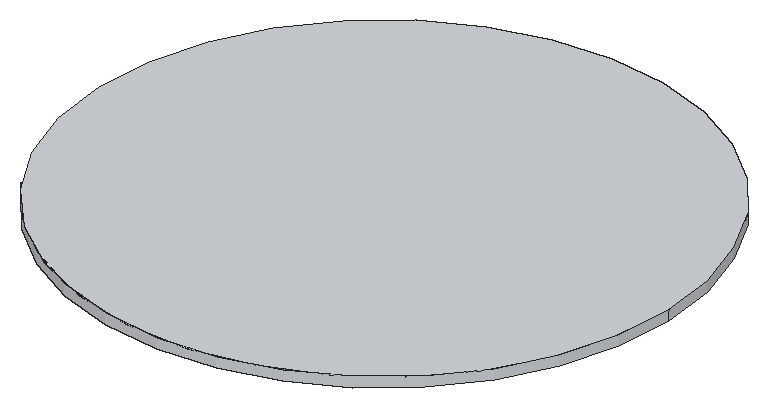
Revit family "CITY", category Lighting Fixtures, host Face, Revit 2023 (continued)
Types (10, lengths in mm): name | Radio | Photometric Web File | built-in parameter 1150142 | Manufacturer | LuxLight_Watios | LuxLight_Temperatura | LuxLight_Lumenes
    822 2598.634766 2566.94043 2533.759521 2499.741699 2465.538086 2430.033203\r\n 2393.134277 2356.421387 2317.849365 2278.812744 2239.590088 2198.508789 2157.241455 2115.695068 2071.825439 2028.699097 1984.643433 1938.450073 1893.000122 1846.341919 1798.754517 1751.724487 1701.813354 1653.482178 1603.106323 1552.172729\r\n 1501.610962 1449.655029 1398.349731 1345.650146 1293.601196 1239.97229 1186.529175 1133.457886 1078.899536 1026.014038 971.269775 918.198425 864.104797 811.033508 757.497498 704.1474 652.84198 600.328369 549.580688 500.691895 451.896027\r\n 402.635468 355.140839 308.575653 261.824585 217.861862 174.549728 133.37532 93.409203 56.417297 26.303286\r\n3129.44043 3129.719238 3129.347412 3127.953369 3125.35083 3121.912109 3117.543701 3112.24585 3106.018555 3098.675781 3090.403809 3081.29541 3071.350342 3059.918213 3047.742188 3034.916016 3020.78833 3005.917236 2989.837891 2973.014893\r\n 2955.262695 2936.487793 2916.969238 2895.963867 2874.029053 2851.629639 2827.928711 2803.391357 2778.296387 2752.085938 2724.574219 2696.505127 2667.320557 2637.113525 2606.627686 2574.747803 2541.938477 2507.920898 2473.903076 2438.30542\r\n 2402.149902 2364.972412 2327.050781 2288.664551 2248.791748 2208.453857 2167.186279 2125.175293 2082.513916 2038.829956 1994.402588 1949.324463 1903.688721 1857.216553 1810.465454 1762.041382 1713.245483 1664.728516 1614.724365 1564.627319\r\n 1513.507813 1462.481323 1410.525269 1358.011719 1306.334595 1252.612671 1199.727295 1145.819458 1092.190552 1038.282837 984.467896 930.838928 877.302917 823.859863 770.416748 717.252502 665.203613 613.340576 562.035217 511.287567\r\n 461.748169 412.394653 364.435303 317.870117 272.048462 227.713974 184.40184 143.041534 103.540146 66.548241 36.52718\r\n3129.44043 3129.998047 3129.812256 3128.510986 3126.373535 3123.213135 3119.123535 3114.011719 3107.784424 3100.906738 3093.006348 3083.897705 3074.417236 3063.263916 3051.181396 3038.726563 3024.878174 3009.914063 2994.578125 2977.569092\r\n 2960.095703 2941.971436 2921.895508 2901.540527 2880.349365 2857.763916 2834.434814 2810.269043 2785.081055 2759.242676 2732.01001 2703.661865 2675.592773 2644.828125 2614.249268 2583.391846 2550.117676 2516.564453 2482.918701 2447.321045\r\n 2411.165771 2374.917236 2336.066406 2298.238037 2258.922607 2217.748047 2177.224121 2135.770996 2091.80835 2049.611572 2005.648804 1959.54834 1914.749146 1867.44043 1820.875244 1773.659424 1723.934082 1676.346558 1626.156616 1575.315918\r\n 1525.218872 1473.169922 1421.95752 1369.629761 1317.209106 1264.509644 1210.137085 1158.088135 1102.786255 1050.179565 995.063538 942.642883 886.969116 835.199036 781.01239 728.219971 675.985168 623.006836 573.002686 523.64917 474.295654\r\n 425.128052 376.42514 329.395233 282.551208 238.21669 194.346893 152.80072 112.276932 74.727364 42.754459\r\n3129.44043 3130.091064 3129.812256 3128.604004 3126.280518 3123.306152 3119.123535 3113.825684 3107.784424 3100.720703 3092.727539 3083.897705 3074.04541 3063.078125 3051.181396 3038.354736 3024.506348 3009.728027 2993.92749 2977.476318\r\n 2959.631104 2941.13501 2921.709473 2900.889893 2879.512695 2857.485107 2834.062988 2809.525635 2784.709473 2758.127197 2731.080566 2703.104248 2673.919434 2644.17749 2613.412842 2581.997559 2549.188232 2515.728027 2481.617676 2446.112793\r\n 2410.329102 2372.872559 2335.322998 2296.472168 2256.784668 2216.818604 2175.55127 2133.726318 2091.064697 2047.566772 2003.2323 1958.061279 1912.425537 1865.581543 1819.202271 1771.057007 1722.075195 1673.929932 1623.833008 1573.73584\r\n 1522.895264 1471.589966 1420.191528 1367.213257 1315.35022 1261.349487 1208.835815 1155.114014 1101.299072 1047.391235 993.669373 939.761597 886.039673 832.503662 779.52533 726.268127 673.847473 621.798584 570.679077 519.83844 470.113159\r\n 420.85257 372.893219 326.328064 280.413513 235.614258 192.673904 151.034775 111.254539 74.727364 43.405071\r\n3129.44043 3129.254639 3128.13916 3126.094482 3123.027344 3119.123535 3114.104492 3108.342041 3101.27832 3093.563965 3084.641113 3074.789307 3064.37915 3052.389404 3039.65625 3025.993408 3011.493896 2995.879395 2979.52124 2961.95459\r\n 2943.551758 2923.94043 2903.399658 2882.30127 2859.622559 2836.851318 2812.221191 2787.125977 2761.287598 2734.240479 2706.357178 2677.358643 2647.616211 2616.572754 2585.622314 2552.720215 2519.445801 2485.056396 2449.830322 2413.582031\r\n 2376.404541 2339.040527 2300.00415 2260.223877 2220.071777 2179.269043 2137.165283 2094.968506 2051.098877 2006.485352 1960.477783 1915.213867 1869.206299 1821.618774 1774.310059 1725.049561 1676.532349 1626.621338 1576.431274 1525.218872\r\n 1474.00647 1422.143433 1369.258057 1316.279663 1263.487183 1209.672363 1156.229248 1102.321533 1048.134888 994.134094 940.133362 885.853821 832.503662 778.595825 725.059875 672.453308 620.590271 568.727295 517.793701 468.161346 418.8078\r\n 370.84845 323.63266 277.903992 232.825912 190.536163 148.246445 108.466209 71.009575 38.943737 14.871117\r\n3129.44043 3129.626221 3128.789795 3127.116943 3124.421387 3120.889648 3116.056641 3110.572998 3104.06665 3096.259277 3087.987305 3078.413818 3067.911133 3056.665039 3044.117432 3030.826416 3016.791748 3001.084229 2985.004883 2967.810059\r\n 2949.221191 2930.632324 2910.091553 2888.900146 2867.430176 2844.008057 2819.842285 2795.397949 2769.001709 2742.419678 2715.001221 2685.909424 2656.446045 2626.239014 2594.359131 2562.479004 2529.112061 2494.258057 2460.333252 2423.434326\r\n 2386.721191 2350.101074 2310.413818 2271.098389 2231.596924 2189.493164 2148.411621 2106.772461 2062.066162 2018.289307 1973.583008 1926.739014 1881.567993 1833.794434 1786.021118 1738.154663 1687.685791 1639.354736 1587.956299 1536.836914\r\n 1486.925781 1433.017944 1381.898438 1328.269531 1275.384033 1221.104614 1167.754395 1113.939453 1059.009399 1005.008606 950.543152 896.449463 842.355835 788.540894 735.469604 681.840698 629.977661 577.46405 526.902222 478.013428 429.031708\r\n 380.328796 332.834167 286.083069 241.190918 197.042297 154.566666 114.135811 76.121521 46.193405 16.265284\r\n3129.44043 3129.626221 3128.882813 3127.302734 3124.700195 3120.982666 3116.428467 3110.94458 3104.345459 3096.817139 3088.266113 3078.878662 3068.561768 3057.222656 3044.582275 3031.29126 3017.256592 3001.641846 2985.655518 2968.36792\r\n 2950.057617 2930.911133 2910.742188 2889.643799 2867.615967 2844.658691 2820.771729 2795.304932 2769.931152 2743.256104 2715.187012 2686.838867 2657.189697 2626.425049 2595.102783 2562.665283 2529.669922 2495.466064 2460.333252 2424.642578\r\n 2387.278809 2349.915283 2311.064453 2271.841797 2231.968506 2190.422363 2148.597412 2106.028809 2062.623779 2018.103394 1973.397217 1927.203613 1880.545654 1833.701538 1786.021118 1737.504028 1688.243408 1638.239258 1587.67749 1536.836914\r\n 1485.345703 1433.389648 1380.504395 1327.80481 1274.547607 1220.732788 1167.010742 1112.638306 1057.801025 1003.986206 949.706665 895.148254 841.147522 787.518494 733.610779 680.539429 628.118774 575.976868 524.857422 474.388611 424.570374\r\n 376.053345 328.744629 282.644165 237.287247 194.43985 151.592438 111.347481 73.519081 40.802624 16.265284\r\n3129.44043 3129.905029 3129.347412 3127.581543 3125.072021 3121.633301 3117.171875 3111.595215 3105.36792 3097.746338 3089.567139 3080.087158 3069.863281 3058.430908 3046.255127 3032.964111 3018.836426 3003.314697 2987.421387 2970.31958\r\n 2951.823486 2933.141846 2912.9729 2891.502441 2870.218262 2846.796387 2822.723877 2798.465332 2772.3479 2745.579834 2718.068115 2689.162354 2659.699219 2628.93457 2597.333252 2565.174561 2531.807373 2497.604004 2462.935791 2426.408691\r\n 2389.509521 2352.424561 2312.92334 2274.07251 2234.106445 2191.909424 2150.735107 2108.166748 2063.925049 2020.055298 1975.070068 1928.411987 1882.590454 1835.188721 1786.48584 1738.433472 1688.057617 1639.447632 1587.956299 1536.465088\r\n 1486.089233 1432.274414 1380.783203 1327.247192 1273.618042 1219.524414 1165.523804 1111.80188 1057.150513 1002.592041 948.03363 893.382324 839.474487 785.566711 731.751831 678.122864 625.330383 573.281494 522.162048 472.994415 423.919769\r\n 374.938019 327.722229 280.878204 235.614258 191.372681 148.897049 107.6297 69.522469 34.947121 12.919282\r\n3129.44043 3129.533447 3128.697021 3127.023926 3124.235596 3120.425049 3115.684814 3110.10791 3103.416016 3095.70166 3087.33667 3077.67041 3066.981934 3055.549805 3042.90918 3029.432373 3015.211914 2999.50415 2983.145752 2966.044189\r\n 2947.269287 2928.122803 2908.046875 2886.204834 2864.083984 2841.405518 2816.868408 2791.494385 2766.027588 2738.794922 2710.911621 2682.005859 2651.705811 2621.499023 2589.526123 2556.995361 2523.721436 2488.867188 2453.734131 2417.857666\r\n 2380.308105 2342.293701 2303.25708 2263.476807 2223.324951 2182.243164 2139.209961 2096.827393 2052.95752 2007.972412 1962.522583 1916.515137 1869.020386 1822.455322 1774.124146 1725.514282 1675.881836 1625.970581 1574.944092 1523.452881\r\n 1471.868774 1419.819824 1366.0979 1313.770142 1259.769409 1205.675781 1151.396118 1097.30249 1042.651123 988.464478 934.09198 878.975952 825.068115 771.625061 717.345459 664.460022 611.667603 559.71167 508.406281 457.937439 408.39801\r\n 360.066895 312.665192 266.657715 221.57962 177.988678 136.163666 95.918694 58.647964 25.838564 7.807336\r\n3129.44043 3129.347412 3128.418213 3126.373535 3123.491943 3119.588379 3114.569336 3108.713867 3101.835938 3094.121582 3085.291992 3075.532715 3064.751221 3053.040039 3040.213867 3026.458008 3011.95874 2996.158203 2979.707031 2962.047363\r\n 2943.272705 2924.033203 2903.399658 2881.836426 2859.529785 2836.200684 2811.942139 2786.754395 2759.893066 2732.660645 2704.777344 2675.685547 2645.385742 2614.621094 2582.555176 2550.117676 2516.192871 2481.338623 2446.112793 2409.027832\r\n 2372.035889 2333.928711 2294.334473 2255.019043 2214.216309 2172.205322 2130.008545 2087.347168 2042.733765 1997.65564 1952.763428 1905.826538 1859.168335 1811.487915 1762.784912 1714.082031 1663.799072 1613.794922 1562.303711 1510.998291\r\n 1459.600098 1406.528809 1354.108032 1300.293213 1246.943115 1192.291748 1138.383911 1083.732666 1028.52356 974.336975 919.964417 865.220154 811.21936 757.125671 703.682617 650.146606 598.097717 545.862915 496.602356 447.434692 397.430573\r\n 348.820618 301.697754 255.318481 210.333359 166.928284 125.103264 84.858307 50.190018 15.521728 3.438946\r\n3129.44043 3128.882813 3127.395752 3124.979004 3121.540283 3117.264893 3111.781006 3105.553955 3098.211182 3090.218018 3080.830566 3070.699707 3059.639404 3047.277588 3033.986328 3020.230713 3005.173828 2989.001465 2971.992432 2953.868408\r\n 2934.907715 2915.203369 2893.919189 2872.449219 2849.305908 2825.60498 2800.51001 2775.043213 2748.646973 2720.577881 2692.229736 2662.859131 2632.373291 2600.958252 2568.427734 2535.804199 2501.414551 2466.560547 2430.776855 2393.599121\r\n 2356.235352 2317.19873 2277.604248 2237.823975 2196.463867 2154.638916 2111.698486 2068.386475 2024.144897 1978.787964 1932.687378 1886.122192 1839.185303 1791.31897 1742.615967 1693.169556 1643.351196 1592.975342 1541.391235 1490.829346\r\n 1438.036865 1385.523315 1332.545044 1278.637085 1225.008179 1170.635742 1116.448975 1062.169434 1007.425171 952.86676 898.587219 843.842896 790.306885 736.027344 682.770142 629.698853 577.742859 525.879822 475.039215 425.220978 376.239258\r\n 328.186951 281.621735 236.171906 192.673904 149.082947 108.466209 69.42952 34.110622 9.015614 2.044779\r\n" | "" | 80 W | 0 K | 10000 lm
